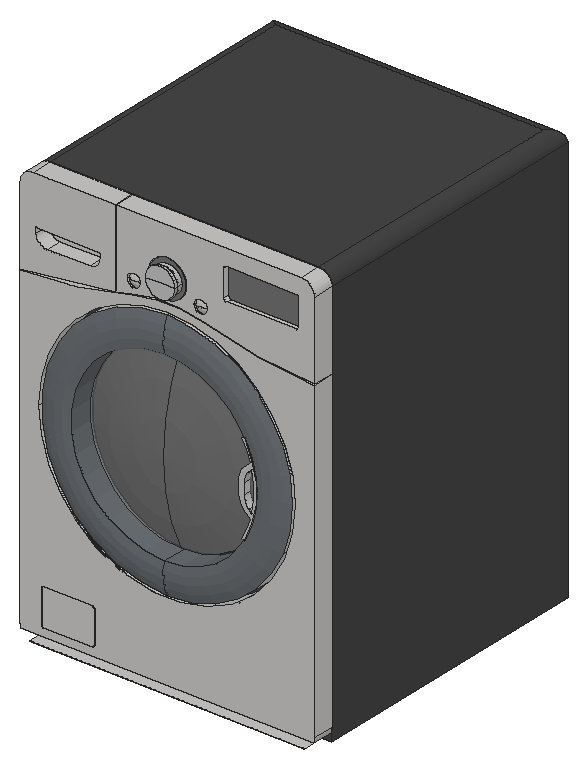
Revit family "M_Lavadora-carga frontal", category Equipamento especial, Revit 2019
Family settings
  Cota do conector redondo = Utilizar diâmetro
  Tipo de parte = Normal
  Número OmniClass = 23.45.70.11.11
  Título OmniClass = Residential Laundry Equipment
  Com base no plano de trabalho = Não
  Sempre na vertical = Sim
  Corte com vazios quando carregada = Não
  Compartilhado = Não
  Ponto de cálculo do ambiente = Não
Parameters (values of type "700mm")
  Painel = Eletrodoméstico – Painel
  Janela da porta = Eletrodoméstico – Policarbonato
  Largura da porta = Largura / 2 - 5 mm  # 345 mm
  Largura = 700 mm
  Deslocamento de parede = 100 mm
  Voltagem = 120 V
  Mostrar legenda = yes
  Consumo de energia = 500 VA
  Legenda = "Lavadora"
  Altura = 980 mm
  Moldura da porta = Eletrodoméstico – Moldura da porta
  Descrição = "Lavadora de carga frontal"
  Linear = 750 mm
  Controles = Eletrodoméstico – Controles
  Deslocamento base do nível = 20 mm
  Código de montagem = "E1090320"
  Acabamento do eletrodoméstico = Eletrodoméstico – Aço inoxidável
  Corpo do eletrodoméstico = Eletrodoméstico – Aço – Preto
  Amperagem = Consumo de energia / Voltagem  # 4.16667 A
Types (2, lengths in mm): name | Deslocamento base do nível
  700mm | 20
  700 mm com pedestal | 350
Reference planes
  plane 1 "Parte posterior": y = 0
  plane 2: z = 0
  plane 3 "Centro (Esquerda/Direita)": x = 0
  plane 4 "Esquerda": x = -350
  plane 5 "Direita": x = 350
  plane 6: y = -100
  plane 7 "Parte frontal": y = -850
  plane 8 "Traseira da porta": y = -799.2
  plane 9 "Porta B.O.": z = 20
  plane 10 "Superior": z = 1000
  plane 11: y = -1377.05
  plane 12 "Tambor CL": z = 510
  plane 13 "Controles": z = 885.7
  plane 14 "Botões": z = 853.95
  plane 15: x = 220.289
Forms (mm)
  Extrusion 1, solid, material "Eletrodoméstico – Aço – Preto" <- "Corpo do eletrodoméstico"
    sketch origin (0, 0, 0) x (1, 0, 0) y (0, 1, 0)
      loop
        line (-350, -100) -> (-350, -799.2) -> (350, -799.2) -> (350, -100) -> (-350, -100)
    from 0 to 1000
  Extrusion 2, solid, material "Eletrodoméstico – Aço inoxidável" <- "Acabamento do eletrodoméstico"
    sketch origin (0, -850, 0) x (-1, 0, 0) y (0, 0, 1)
      loop
        line (318.25, 1000) -> (-318.25, 1000)
        arc (-318.25, 1000) -> (-340.701, 990.701) -> (-350, 968.25) r 31.75
        line (-350, 968.25) -> (-350, 784.627)
        arc (-350, 784.627) -> (-216.762, 796.634) -> (-85.86, 824.231) r 1135.303
        arc (-85.86, 824.231) -> (0, 835.75) -> (85.86, 824.231) r 325.75
        arc (85.86, 824.231) -> (216.762, 796.634) -> (350, 784.627) r 1135.303
        line (350, 784.627) -> (350, 968.25)
        arc (350, 968.25) -> (340.701, 990.701) -> (318.25, 1000) r 31.75
      loop
        line (350, 31.75) -> (350, 781.451)
        arc (350, 781.451) -> (216.339, 793.487) -> (85.024, 821.168) r 1138.478
        arc (85.024, 821.168) -> (0, 832.575) -> (-85.024, 821.168) r 322.575
        arc (-85.024, 821.168) -> (-216.339, 793.487) -> (-350, 781.451) r 1138.478
        line (-350, 781.451) -> (-350, 31.75)
        arc (-350, 31.75) -> (-340.701, 9.299) -> (-318.25, 0) r 31.75
        line (-318.25, 0) -> (318.25, 0)
        arc (318.25, 0) -> (340.701, 9.299) -> (350, 31.75) r 31.75
      loop
        circle (0, 510) r 304.8
      loop
        circle (79.375, 853.95) r 15.875
      loop
        circle (-79.375, 853.95) r 15.875
    from 0 to 50.8
  Revolve 3, solid, material "Eletrodoméstico – Moldura da porta" <- "Moldura da porta", detail levels medium+fine
    sketch origin (0, 0, 0) x (0, 1, 0) y (0, 0, 1)
      loop
        line (-799.2, 808.45) -> (-850, 808.45)
        arc (-850, 808.45) -> (-862.355, 770.316) -> (-860.18, 730.289) r 109.668
        line (-860.18, 730.289) -> (-799.2, 730.289) -> (-799.2, 808.45)
      axis (-799.2, 510) -> (-860.18, 510)
    angle from 0 to 360
  Revolve 4, solid, material "Eletrodoméstico – Policarbonato" <- "Janela da porta", detail levels medium+fine
    sketch origin (0, 0, 0) x (0, 1, 0) y (0, 0, 1)
      loop
        line (-799.2, 728.909) -> (-806.541, 728.909)
        arc (-806.541, 728.909) -> (-846.575, 622.692) -> (-860.18, 510) r 473.513
        line (-860.18, 510) -> (-799.2, 510) -> (-799.2, 728.909)
      axis (-799.2, 510) -> (-860.18, 510)
    angle from 0 to 360
  Sweep 5, void
    path origin (0, -850, 0) x (-1, 0, 0) y (0, 0, 1)
      loop
        line (292.85, 127.95) -> (178.55, 127.95)
        arc (178.55, 127.95) -> (174.06, 126.09) -> (172.2, 121.6) r 6.35
        line (172.2, 121.6) -> (172.2, 45.4)
        arc (172.2, 45.4) -> (174.06, 40.91) -> (178.55, 39.05) r 6.35
        line (178.55, 39.05) -> (292.85, 39.05)
        arc (292.85, 39.05) -> (297.34, 40.91) -> (299.2, 45.4) r 6.35
        line (299.2, 45.4) -> (299.2, 121.6)
        arc (299.2, 121.6) -> (297.34, 126.09) -> (292.85, 127.95) r 6.35
    profile origin (-235.7, -850, 127.95) x (0, 0, -1) y (0, 1, 0)
      loop
        line (0, 0) -> (1.588, 0) -> (1.588, 13.494) -> (0, 13.494) -> (0, 0)
  Extrusion 6, void
    sketch origin (0, -850, 0) x (-1, 0, 0) y (0, 0, 1)
      loop
        line (311.9, 885.7) -> (159.5, 885.7) -> (159.5, 873)
        arc (159.5, 873) -> (166.939, 855.039) -> (184.9, 847.6) r 25.4
        line (184.9, 847.6) -> (286.5, 847.6)
        arc (286.5, 847.6) -> (304.461, 855.039) -> (311.9, 873) r 25.4
        line (311.9, 873) -> (311.9, 885.7)
    from 0 to 38.1
  Extrusion 7, void
    sketch origin (0, -850, 0) x (-1, 0, 0) y (0, 0, 1)
      loop
        line (123.552, 1000) -> (121.964, 1000) -> (121.964, 814.252) -> (123.552, 814.252) -> (123.552, 1000)
    from 0 to 50.8
  Extrusion 8, void
    sketch origin (0, -850, 0) x (-1, 0, 0) y (0, 0, 1)
      loop
        arc (-140.45, 885.7) -> (-135.96, 887.56) -> (-134.1, 892.05) r 6.35
        line (-134.1, 892.05) -> (-134.1, 955.55)
        arc (-134.1, 955.55) -> (-135.96, 960.04) -> (-140.45, 961.9) r 6.35
        line (-140.45, 961.9) -> (-305.55, 961.9)
        arc (-305.55, 961.9) -> (-310.04, 960.04) -> (-311.9, 955.55) r 6.35
        line (-311.9, 955.55) -> (-311.9, 892.05)
        arc (-311.9, 892.05) -> (-310.04, 887.56) -> (-305.55, 885.7) r 6.35
        line (-305.55, 885.7) -> (-140.45, 885.7)
    from 0 to 12.7
  Revolve 9, solid, material "Eletrodoméstico – Controles" <- "Controles", detail levels fine
    sketch origin (0, 0, 885.7) x (-1, 0, 0) y (0, -1, 0)
      loop
        line (0, 843.65) -> (33.337, 843.65) -> (33.337, 861.57) -> (31.75, 861.57) -> (31.75, 864.745) -> (34.925, 864.745) -> (34.925, 871.095) -> (0, 871.095) -> (0, 843.65)
      axis (0, 843.65) -> (0, 871.095)
    angle from 0 to 360
  Revolve 10, solid, material "Eletrodoméstico – Controles" <- "Controles", detail levels fine
    sketch origin (0, 0, 853.95) x (-1, 0, 0) y (0, -1, 0)
      loop
        line (79.375, 846.006) -> (95.25, 846.006)
        arc (95.25, 846.006) -> (87.825, 850.462) -> (79.375, 852.356) r 27.181
        line (79.375, 852.356) -> (79.375, 846.006)
      axis (79.375, 852.356) -> (79.375, 846.006)
    angle from 0 to 360
  Revolve 11, solid, material "Eletrodoméstico – Controles" <- "Controles", detail levels fine
    sketch origin (158.75, 0, 853.95) x (-1, 0, 0) y (0, -1, 0)
      loop
        line (79.375, 846.006) -> (95.25, 846.006)
        arc (95.25, 846.006) -> (87.825, 850.462) -> (79.375, 852.356) r 27.181
        line (79.375, 852.356) -> (79.375, 846.006)
      axis (79.375, 852.356) -> (79.375, 846.006)
    angle from 0 to 360
  Extrusion 12, solid, material "Eletrodoméstico – Controles" <- "Controles", detail levels fine
    sketch origin (0, -850, 0) x (-1, 0, 0) y (0, 0, 1)
      loop
        arc (-190.776, 620.144) -> (-220.289, 510) -> (-190.776, 399.856) r 220.289
        line (-190.776, 399.856) -> (-185.471, 402.918)
        arc (-185.471, 402.918) -> (-214.164, 510) -> (-185.471, 617.082) r 214.164
        line (-185.471, 617.082) -> (-190.776, 620.144)
    from -10.18 to 43.459
  Extrusion 13, solid, material "Eletrodoméstico – Controles" <- "Controles", detail levels fine
    sketch origin (0, -850, 0) x (-1, 0, 0) y (0, 0, 1)
      loop
        line (-208.97, 556.882) -> (-202.168, 550.081)
        arc (-202.168, 550.081) -> (-193.909, 537.72) -> (-191.009, 523.14) r 38.1
        line (-191.009, 523.14) -> (-191.009, 497.752)
        arc (-191.009, 497.752) -> (-193.909, 483.171) -> (-202.168, 470.811) r 38.1
        line (-202.168, 470.811) -> (-209.132, 463.847)
        arc (-209.132, 463.847) -> (-207.418, 456.672) -> (-205.459, 449.56) r 214.164
        line (-205.459, 449.56) -> (-189.468, 465.55)
        arc (-189.468, 465.55) -> (-181.209, 477.911) -> (-178.309, 492.491) r 38.1
        line (-178.309, 492.491) -> (-178.309, 528.401)
        arc (-178.309, 528.401) -> (-181.209, 542.981) -> (-189.468, 555.342) r 38.1
        line (-189.468, 555.342) -> (-205.255, 571.128)
        arc (-205.255, 571.128) -> (-207.235, 564.037) -> (-208.97, 556.882) r 214.164
    from -10.18 to 6.588
  Extrusion 14, solid, material "Eletrodoméstico – Painel" <- "Painel", detail levels fine
    sketch origin (0, -850, 0) x (-1, 0, 0) y (0, 0, 1)
      loop
        circle (0, 885.7) r 44.45
    from 0 to 50.8
  Extrusion 15, void
    sketch origin (0, 0, 0) x (0, 1, 0) y (0, 0, 1)
      loop
        line (-799.2, 20) -> (-850, 20) -> (-850, 0.95) -> (-799.2, 0.95) -> (-799.2, 20)
    from -350 to 350
  Sweep 16, void
    path in 3D
      loop
        line (350, -799.2, 1000) -> (350, -100, 1000) -> (-350, -100, 1000) -> (-350, -799.2, 1000)
    profile origin (-350, -449.6, 1000) x (1, 0, 0) y (0, 0, 1)
      loop
        line (0, 0) -> (0, -31.75)
        arc (0, -31.75) -> (9.299, -9.299) -> (31.75, 0) r 31.75
        line (31.75, 0) -> (0, 0)
  Extrusion 17, void
    sketch origin (0, -850, 0) x (-1, 0, 0) y (0, 0, 1)
      loop
        circle (0, 885.7) r 44.45
    from 0 to 50.8
Cuts and joins
  Sweep 5, Extrusion 6, Extrusion 7, Extrusion 8, Extrusion 15, Extrusion 17 cuts Extrusion 2
  joined: Extrusion 12, Extrusion 13
  Extrusion 15, Sweep 16 cuts Extrusion 1
Lines and regions (mm)
  Split face 1
    outline origin (-350, -100, 0) x (1, 0, 0) y (0, 0, -1)
      loop
        circle (547.6, -812.675) r 50.8
  Split face 2
    outline origin (-350, -100, 0) x (1, 0, 0) y (0, 0, -1)
      loop
        circle (350, -511.331) r 25.4
  Split face 3
    outline origin (-350, -100, 139.7) x (1, 0, 0) y (0, 0, -1)
      loop
        circle (154.305, -746) r 12.7
  Split face 4
    outline origin (-400.8, -100, 139.7) x (1, 0, 0) y (0, 0, -1)
      loop
        circle (154.305, -746) r 12.7
  Masking region 1
    outline origin (0, 0, 853.95) x (-1, 0, 0) y (0, -1, 0)
      loop
        line (350, 100) -> (350, 850) -> (-350, 850) -> (-350, 100) -> (350, 100)
  symbolic lines, style "Eletrodomésticos"
    curve 1: line (-350, -850, 0) -> (-350, -100, 0)
    curve 2: line (350, -850, 0) -> (-350, -850, 0)
    curve 3: line (350, -100, 0) -> (350, -850, 0)
    curve 4: line (-350, -100, 0) -> (350, -100, 0)
  sketch lines
    curve 5: line (-350, -100, 1000) -> (-350, -799.2, 1000)
    curve 6: line (350, -100, 1000) -> (-350, -100, 1000)
    curve 7: line (350, -799.2, 1000) -> (350, -100, 1000)
  symbolic lines, style "Eletrodomésticos – Giro da planta", detail levels medium+fine
    curve 8: arc (-228.6, -1377.05, 853.95) -> (144.081, -1222.681, 853.95) -> (298.45, -850, 853.95) r 527.05
    curve 9: line (-298.45, -850, 853.95) -> (-298.45, -1377.05, 853.95)
    curve 10: line (-298.45, -1377.05, 853.95) -> (-228.6, -1377.05, 853.95)
  reference lines
    curve 11: line (0, -850, 510) -> (190.776, -850, 620.144)
    curve 12: line (0, -850, 510) -> (190.776, -850, 399.856)
Dimensions and locks
  equal spacing: plane 4 "Esquerda", plane 3 "Centro (Esquerda/Direita)", plane 5 "Direita"
  "Largura": plane 4 "Esquerda" to plane 5 "Direita"
  "Linear": plane 6 to plane 7 "Parte frontal"
  "Deslocamento de parede": plane 1 "Parte posterior" to plane 6
  "Altura": plane 10 "Superior" to plane 9 "Porta B.O."
  "Deslocamento base do nível": plane 9 "Porta B.O." to level
  locked: plane 8 "Traseira da porta" to plane 7 "Parte frontal" at 50.8
  locked: plane 5 "Direita" to Split face 1 sketch curve at 152.4
  equal spacing: plane 6, nested 1, plane 8 "Traseira da porta"
  Split face 2 sketch curve to plane 9 "Porta B.O." = 491.331 mm
  locked: plane 7 "Parte frontal" to plane 11 at 527.05
  Extrusion 2 sketch curve to Extrusion 2 sketch curve to plane 12 "Tambor CL" = 3.177 mm locked, 271.451 mm locked  (x2)
  equal spacing: plane 10 "Superior", plane 12 "Tambor CL", plane 9 "Porta B.O."
  plane 12 "Tambor CL" to Revolve 3 sketch curve to Revolve 3 sketch curve = 220.289 mm, 78.161 mm locked
  Sweep 5 sketch curve to Sweep 5 sketch curve to plane 9 "Porta B.O." = 88.9 mm, 19.05 mm locked
  Sweep 5 sketch curve to Sweep 5 sketch curve to plane 4 "Esquerda" = 127 mm locked, 50.8 mm locked
  locked: plane 10 "Superior" to plane 13 "Controles" at 114.3
  plane 5 "Direita" to Extrusion 8 sketch curve to Extrusion 8 sketch curve = 38.1 mm locked, 177.8 mm locked
  locked: Extrusion 8 sketch curve to plane 13 "Controles" at 76.2
  Revolve 9 sketch curve to Revolve 9 sketch curve to Revolve 9 sketch curve to plane 3 "Centro (Esquerda/Direita)" = 1.588 mm locked, 1.587 mm locked, 31.75 mm locked
  Revolve 9 sketch curve to Revolve 9 sketch curve to Revolve 9 sketch curve to plane 7 "Parte frontal" to Revolve 9 sketch curve = 6.35 mm locked, 3.175 mm locked, 11.57 mm, 6.35 mm locked
  Extrusion 6 sketch curve to Extrusion 6 sketch curve to plane 4 "Esquerda" = 152.4 mm locked, 38.1 mm locked
  locked: plane 13 "Controles" to cut or joined group of Extrusion 2, Sweep 5, Extrusion 6, Extrusion 7, Extrusion 8, Extrusion 15, Extrusion 17 at 38.1
  locked: plane 13 "Controles" to plane 14 "Botões" at 31.75
  Extrusion 2 sketch curve to plane 3 "Centro (Esquerda/Direita)" to Extrusion 2 sketch curve = 79.375 mm locked, 79.375 mm locked
  locked: Revolve 10 sketch curve to plane 3 "Centro (Esquerda/Direita)" at 79.375
  locked: plane 3 "Centro (Esquerda/Direita)" to Revolve 11 sketch curve at 79.375
  Extrusion 13 to plane 7 "Parte frontal" to Extrusion 13 = 6.588 mm locked, 10.18 mm locked
  locked: plane 9 "Porta B.O." to Extrusion 15 sketch curve at 19.05
  locked: Extrusion 7 sketch curve to plane 4 "Esquerda" at 226.448
  locked: Extrusion 7 sketch curve to Extrusion 7 sketch curve at 1.588
  locked: Extrusion 7 sketch curve to plane 12 "Tambor CL" at 304.252
  locked: plane 15 to plane 3 "Centro (Esquerda/Direita)" at 220.289
  locked: Extrusion 13 sketch curve to plane 15 at 29.28
  locked: Extrusion 13 sketch curve to Extrusion 13 sketch curve at 12.7
  locked: curve 9 to plane 3 "Centro (Esquerda/Direita)" at 298.45
  locked: curve 9 to curve 10 at 69.85
  radius of Extrusion 2 sketch curve = 31.75 mm  (x2)
  locked: plane 12 "Tambor CL" to curve 11 (angle 30.00°)
  locked: curve 12 to plane 12 "Tambor CL" (angle 30.00°)
  aligned and locked: plane 2 to level
  aligned and locked: Extrusion 1 sketch curve to plane 6
  aligned and locked: plane 4 "Esquerda" to Extrusion 1 sketch curve
  aligned and locked: plane 8 "Traseira da porta" to Extrusion 1 sketch curve
  aligned and locked: Extrusion 1 sketch curve to plane 5 "Direita"
  aligned and locked: plane 3 "Centro (Esquerda/Direita)" to Split face 2 sketch curve
  aligned and locked: plane 4 "Esquerda" to Extrusion 2 sketch curve  (x2)
  aligned and locked: Extrusion 2 sketch curve to plane 5 "Direita"
  aligned and locked: plane 3 "Centro (Esquerda/Direita)" to nested 1
  aligned and locked: Extrusion 2 sketch curve to plane 10 "Superior"
  aligned and locked: plane 10 "Superior" to Extrusion 1
  aligned and locked: plane 8 "Traseira da porta" to Extrusion 2
  aligned and locked: plane 5 "Direita" to Extrusion 2 sketch curve
  aligned and locked: plane 12 "Tambor CL" to Extrusion 2 sketch curve  (x2)
  aligned and locked: Revolve 3 sketch curve to plane 12 "Tambor CL"
  aligned and locked: plane 8 "Traseira da porta" to Revolve 4 sketch curve
  aligned and locked: Revolve 4 sketch curve to plane 12 "Tambor CL"
  aligned and locked: Extrusion 8 sketch curve to plane 13 "Controles"
  aligned and locked: Revolve 9 sketch curve to plane 3 "Centro (Esquerda/Direita)"
  aligned and locked: plane 10 "Superior" to Extrusion 7 sketch curve
  aligned and locked: plane 14 "Botões" to Extrusion 2 sketch curve  (x2)
  aligned and locked: Revolve 3 to Extrusion 12
  aligned and locked: Extrusion 12 to Revolve 4
  aligned and locked: Extrusion 13 sketch curve to Extrusion 12
  aligned and locked: Revolve 3 to Extrusion 13
  aligned and locked: plane 8 "Traseira da porta" to Extrusion 14
  aligned and locked: plane 13 "Controles" to Split face 3 sketch curve
  aligned and locked: plane 13 "Controles" to Split face 4 sketch curve
  aligned and locked: plane 4 "Esquerda" to Masking region 1 sketch curve
  aligned and locked: Masking region 1 sketch curve to plane 6
  aligned and locked: Masking region 1 sketch curve to plane 5 "Direita"
  aligned and locked: plane 7 "Parte frontal" to Masking region 1 sketch curve
  aligned and locked: Extrusion 1 to level
  aligned and locked: Extrusion 2 sketch curve to level
  aligned and locked: Extrusion 15 sketch curve to plane 9 "Porta B.O."
  aligned and locked: Extrusion 15 sketch curve to plane 8 "Traseira da porta"
  aligned and locked: plane 7 "Parte frontal" to Extrusion 15 sketch curve
  aligned and locked: plane 5 "Direita" to Extrusion 15
  aligned and locked: Extrusion 15 to plane 4 "Esquerda"
  aligned and locked: plane 10 "Superior" to Sweep 16 sketch curve
  aligned and locked: Sweep 16 sketch curve to plane 4 "Esquerda"
  aligned and locked: plane 3 "Centro (Esquerda/Direita)" to Extrusion 12 sketch curve  (x2)
  aligned and locked: plane 12 "Tambor CL" to Extrusion 12 sketch curve  (x2)
  aligned and locked: plane 12 "Tambor CL" to curve 11
  aligned and locked: plane 3 "Centro (Esquerda/Direita)" to curve 12
  aligned and locked: Extrusion 12 sketch curve to curve 11
  aligned and locked: Extrusion 12 sketch curve to curve 12
  aligned and locked: plane 7 "Parte frontal" to curve 9
  aligned and locked: plane 11 to curve 9
  aligned and locked: curve 9 to curve 9
  aligned and locked: plane 7 "Parte frontal" to curve 8
  aligned and locked: Extrusion 17 sketch curve to Extrusion 14  (x2)
  aligned and locked: Extrusion 17 to plane 7 "Parte frontal"
  aligned and locked: Extrusion 14 to plane 7 "Parte frontal"
  aligned and locked: plane 8 "Traseira da porta" to Extrusion 17
Automatic sketch dimensions
  curve 1 to plane 4 "Esquerda" = 0 mm
  curve 2 to plane 5 "Direita" = 0 mm
  curve 1 to plane 7 "Parte frontal" = 0 mm
  curve 4 to plane 6 = 0 mm
  Split face 1 sketch curve to Extrusion 1 = 187.325 mm
  Split face 3 sketch curve to Extrusion 1 = 154.305 mm
  Revolve 3 sketch curve to plane 7 "Parte frontal" = 0 mm
  Revolve 3 sketch curve to plane 8 "Traseira da porta" = 0 mm
  Revolve 3 sketch curve to plane 7 "Parte frontal" = 10.18 mm
  plane 8 "Traseira da porta" to Revolve 3 sketch curve = 45.595 mm
  Revolve 3 sketch curve to plane 11 = 1170.641 mm
  Revolve 3 sketch curve to plane 1 "Parte posterior" = 2097.409 mm
  Revolve 4 sketch curve to plane 12 "Tambor CL" = 0 mm
  Revolve 4 sketch curve to Revolve 4 sketch curve = 7.341 mm
  Revolve 4 sketch curve to plane 7 "Parte frontal" = 10.18 mm
  Revolve 4 sketch curve to plane 6 = 286.668 mm
  Revolve 4 sketch curve to plane 11 = 1170.641 mm
  Revolve 4 sketch curve to plane 1 "Parte posterior" = 2097.409 mm
  Sweep 5 sketch curve to Sweep 5 sketch curve = 6.35 mm  (x4)
  Sweep 5 sketch curve to profile plane = 0 mm
  Sweep 5 sketch curve to plane 7 "Parte frontal" = 0 mm
  Sweep 5 sketch curve to Sweep 5 sketch curve = 1.588 mm
  plane 7 "Parte frontal" to Sweep 5 sketch curve = 13.494 mm
  Extrusion 6 sketch curve to plane 13 "Controles" = 0 mm
  Extrusion 6 sketch curve to plane 13 "Controles" = 12.7 mm
  Extrusion 6 sketch curve to Extrusion 6 sketch curve = 25.4 mm  (x2)
  Extrusion 8 sketch curve to Extrusion 8 sketch curve = 6.35 mm  (x4)
  Revolve 9 sketch curve to plane 3 "Centro (Esquerda/Direita)" = 0 mm
  Revolve 9 sketch curve to plane 1 "Parte posterior" = 1524 mm
  Revolve 9 sketch curve to plane 11 = 139.7 mm
  Revolve 10 sketch curve to plane 7 "Parte frontal" = 2.356 mm
  Revolve 10 sketch curve to Revolve 10 sketch curve = 0 mm
  Revolve 10 sketch curve to Revolve 10 sketch curve = 1.645 mm
  plane 7 "Parte frontal" to Revolve 10 sketch curve = 3.994 mm
  Revolve 10 sketch curve to Revolve 10 sketch curve = 15.875 mm
  plane 8 "Traseira da porta" to Revolve 10 sketch curve = 27.835 mm
  Revolve 10 sketch curve to Revolve 10 sketch curve = 52.359 mm
  Revolve 11 sketch curve to plane 7 "Parte frontal" = 2.356 mm
  Revolve 11 sketch curve to Revolve 11 sketch curve = 0 mm
  Revolve 11 sketch curve to Revolve 11 sketch curve = 1.645 mm
  plane 7 "Parte frontal" to Revolve 11 sketch curve = 3.994 mm
  Revolve 11 sketch curve to Revolve 11 sketch curve = 15.875 mm
  plane 8 "Traseira da porta" to Revolve 11 sketch curve = 27.835 mm
  Revolve 11 sketch curve to Revolve 11 sketch curve = 52.359 mm
  plane 12 "Tambor CL" to Extrusion 12 sketch curve = 107.082 mm
  Extrusion 12 sketch curve to Extrusion 12 sketch curve = 3.062 mm
  Extrusion 13 sketch curve to Extrusion 13 sketch curve = 0 mm  (x2)
  plane 12 "Tambor CL" to Extrusion 13 sketch curve = 18.401 mm
  plane 12 "Tambor CL" to Extrusion 13 sketch curve = 45.342 mm
  Extrusion 13 sketch curve to Extrusion 13 sketch curve = 11.159 mm  (x2)
  Extrusion 13 sketch curve to plane 12 "Tambor CL" = 44.45 mm
  Extrusion 13 sketch curve to plane 12 "Tambor CL" = 39.189 mm
  Extrusion 13 sketch curve to Extrusion 13 sketch curve = 12.7 mm  (x2)
  plane 12 "Tambor CL" to Extrusion 13 sketch curve = 40.081 mm
  plane 12 "Tambor CL" to Extrusion 13 sketch curve = 61.128 mm
  Extrusion 13 sketch curve to Extrusion 13 sketch curve = 3.087 mm
  Extrusion 13 sketch curve to plane 12 "Tambor CL" = 60.44 mm
  plane 12 "Tambor CL" to Extrusion 13 sketch curve = 46.882 mm
  Extrusion 13 sketch curve to plane 12 "Tambor CL" = 46.153 mm
  Extrusion 13 sketch curve to plane 12 "Tambor CL" = 17.509 mm
  plane 12 "Tambor CL" to Extrusion 13 sketch curve = 13.14 mm
  Extrusion 13 sketch curve to plane 12 "Tambor CL" = 12.248 mm
  Extrusion 14 sketch curve to plane 3 "Centro (Esquerda/Direita)" = 0 mm
  Extrusion 14 sketch curve to plane 13 "Controles" = 0 mm
  Split face 4 sketch curve to Extrusion 1 = 103.505 mm
  Extrusion 2 sketch curve to Extrusion 2 sketch curve = 0 mm  (x10)
  Extrusion 2 sketch curve to plane 3 "Centro (Esquerda/Direita)" = 0 mm
  plane 5 "Direita" to Extrusion 2 sketch curve = 35.101 mm
  Extrusion 2 sketch curve to Extrusion 2 sketch curve = 31.75 mm
  plane 4 "Esquerda" to Extrusion 2 sketch curve = 31.75 mm
  Extrusion 2 sketch curve to plane 4 "Esquerda" = 35.101 mm
  plane 10 "Superior" to Extrusion 2 sketch curve = 919.388 mm
  Sweep 16 sketch curve to profile plane = 31.75 mm
  radius of Split face 1 sketch curve = 50.8 mm
  radius of Split face 2 sketch curve = 25.4 mm
  radius of Split face 3 sketch curve = 12.7 mm
  radius of Extrusion 14 sketch curve = 44.45 mm
  radius of Split face 4 sketch curve = 12.7 mm
  radius of Extrusion 2 sketch curve = 304.8 mm
  radius of Extrusion 2 sketch curve = 15.875 mm  (x2)
Nested families
  nested 1: "Anotação de legenda de 2,5" at (0, -449.6, 0), visible <- "Mostrar legenda", type "Anotação de legenda de 2,5"
Connectors
  electrical at (197.6, -100, 812.675), driven by "Voltagem", driven by "Consumo de energia"
    settings: on Extrusion 1, index 1, voltage 120 V, apparent load 500 VA, apparent load phase1 0 VA, apparent load phase2 0 VA, apparent load phase3 0 VA, power factor 1, load classification "Eletrodoméstico", number of poles 1, system type 30, power factor state 1, is connector primary yes, connector utility no, sub classification motor no, connector description "Potência da lavadora"
  piping at (0, -100, 511.331), diameter 25.4
    settings: on Extrusion 1, index 4, connector inside diameter 609.6 mm, connector length 0 mm, flow factor 0, pipe flow 0.0 L/s, pressure drop 0.0 Pa, fitting loss kfactor 0, connector angle 0.00°, fixture units 1, engagement length 0 mm, angle of deflection 0.00°, flow configuration 3, flow direction 2, fitting loss method 0, system type 16, joint type 0, gender type 0, connector reference index -1, connector utility 0, adjustable connector yes, is connector primary yes, connector description "Dreno da lavadora"
  piping at (-195.695, -100, 885.7), diameter 19.05
    settings: on Extrusion 1, index 5, connector inside diameter 609.6 mm, connector length 0 mm, flow factor 0, pipe flow 0.0 L/s, pressure drop 0.0 Pa, fitting loss kfactor 0, connector angle 0.00°, fixture units 1, engagement length 0 mm, angle of deflection 0.00°, flow configuration 3, flow direction 1, fitting loss method 0, system type 19, joint type 0, gender type 0, connector reference index -1, connector utility 0, adjustable connector no, is connector primary no, connector description "Lavadora – Água quente"
  piping at (-246.495, -100, 885.7), diameter 19.05
    settings: on Extrusion 1, index 6, connector inside diameter 609.6 mm, connector length 0 mm, flow factor 0, pipe flow 0.0 L/s, pressure drop 0.0 Pa, fitting loss kfactor 0, connector angle 0.00°, fixture units 1, engagement length 0 mm, angle of deflection 0.00°, flow configuration 3, flow direction 1, fitting loss method 0, system type 20, joint type 0, gender type 0, connector reference index -1, connector utility 0, adjustable connector no, is connector primary no, connector description "Lavadora – Água fria"
Definition of nested family "Anotação de legenda de 2,5"
  Parameters
    Legenda = "Congelador 36 LH"
  Reference planes
    plane 1: y = 0
    plane 2: x = 0
  Text (mm)
    label "Legenda" at (0.095, -0.088, 0), shows "Legenda"
